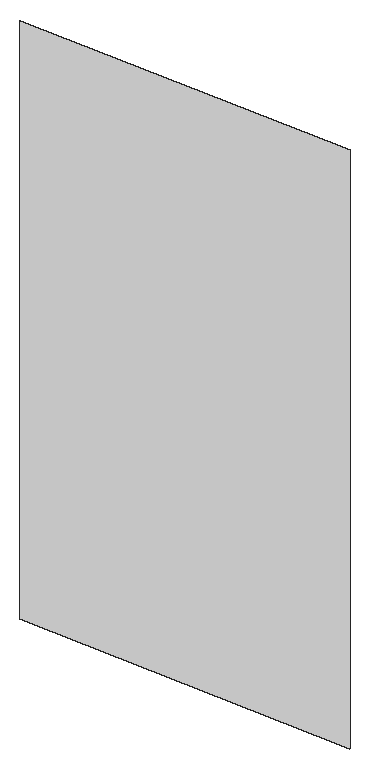
Revit family "PKNail GFCI Outlet", category Electrical Fixtures, host Wall, Revit 2017
Family settings
  Host = Wall
  Maintain Annotation Orientation = No
  Round Connector Dimension = Use Diameter
  Part Type = Normal
  OmniClass Number = 23.80.50.11.11
  OmniClass Title = Receptacle Terminal Units
  Always vertical = Yes
  Cut with Voids When Loaded = No
  Shared = No
  Room Calculation Point = No
Parameters (values of type "GFCI Outlet")
  Width = 70.00 mm
  PKNail Family Measure Location Centered = yes
  PKNail Family Instance Elevation [instance] = 254.00 mm
  PKNail Family Fixed Dimensions = "Width:Height"
  Height = 114.00 mm
  Material = Plastic - White
  Assembly Code = ""
Reference planes
  plane 1: y = 0
  plane 2 "Center (Left/Right)": x = 0
  plane 3 "Back": y = 76.2
  plane 4 "Left": x = -35
  plane 5 "Right": x = 35
  plane 6: z = 247.65
  plane 7: z = 361.65
  plane 8 "Center (Elevation)": z = 304.65
  plane 9: y = 80.962
  plane 10: y = 82.55
  plane 11: z = 50.65
Forms (mm)
  Blend 1, solid, material "Plastic - White" <- "Material"
    base sketch origin (0, 76.2, 0) x (1, 0, 0) y (0, 0, 1)
      loop
        line (35, 361.65) -> (-35, 361.65) -> (-35, 247.65) -> (35, 247.65) -> (35, 361.65)
    top sketch origin (0, 76.2, 0) x (1, 0, 0) y (0, 0, 1)
      loop
        line (30.238, 356.888) -> (-30.237, 356.888) -> (-30.237, 252.413) -> (30.238, 252.413) -> (30.238, 356.888)
    from 0 to -4.762
Lines and regions (mm)
  model lines, style "InvisibleLines"
    curve 1: line (0, 76.2, 50.65) -> (0, 76.2, 247.65)
Text (mm)
  text "Placement Side" at (0, 1019.848, 3124.603), in view "Right"
  text "Placement Side" at (0, 1206.291, 3571.227), in view "Left"
Dimensions and locks
  locked: plane 3 "Back" to host wall
  "Height": plane 6 to plane 7
  "Width": plane 5 "Right" to plane 4 "Left"
  equal spacing: plane 5 "Right", plane 2 "Center (Left/Right)", plane 4 "Left"
  equal spacing: plane 6, plane 8 "Center (Elevation)", plane 7
  locked: plane 3 "Back" to plane 9 at 4.762
  locked: plane 9 to plane 10 at 1.588
  "PKNail Family Instance Elevation": plane 11 to plane 8 "Center (Elevation)"
  aligned and locked: plane 6 to Blend 1 sketch curve
  aligned and locked: plane 5 "Right" to Blend 1 sketch curve
  aligned and locked: Blend 1 sketch curve to plane 7
  aligned and locked: Blend 1 to curve 1
  aligned and locked: plane 2 "Center (Left/Right)" to curve 1
Automatic sketch dimensions
  plane 4 "Left" to Blend 1 sketch curve = 4.762 mm
  Blend 1 sketch curve to plane 5 "Right" = 4.763 mm
  Blend 1 sketch curve to plane 6 = 4.763 mm
  plane 7 to Blend 1 sketch curve = 4.762 mm
  Blend 1 sketch curve to plane 4 "Left" = 0.00 mm
  curve 1 to plane 11 = 0.00 mm
Nested families
  nested 1: "GFCI Outlet Annotation" at (-0.091, 76.2, 0), type "GFCI Outlet Annotation"
Definition of nested family "GFCI Outlet Annotation"
  Reference planes
    plane 1: y = 0
    plane 2: x = 0
  Lines and regions (mm)
    detail lines
      curve 1: line (-0.461, 0.398, 0) -> (-0.461, 4.684, 0)
      curve 2: line (0.461, 0.398, 0) -> (0.461, 4.684, 0)
      curve 3: line (-1.143, 4.249, 0) -> (1.163, 4.249, 0)
      curve 4: line (-1.143, 1.983, 0) -> (-1.143, 4.249, 0)
      curve 5: line (1.163, 1.983, 0) -> (-1.143, 1.983, 0)
      curve 6: line (1.163, 4.249, 0) -> (1.163, 1.983, 0)
